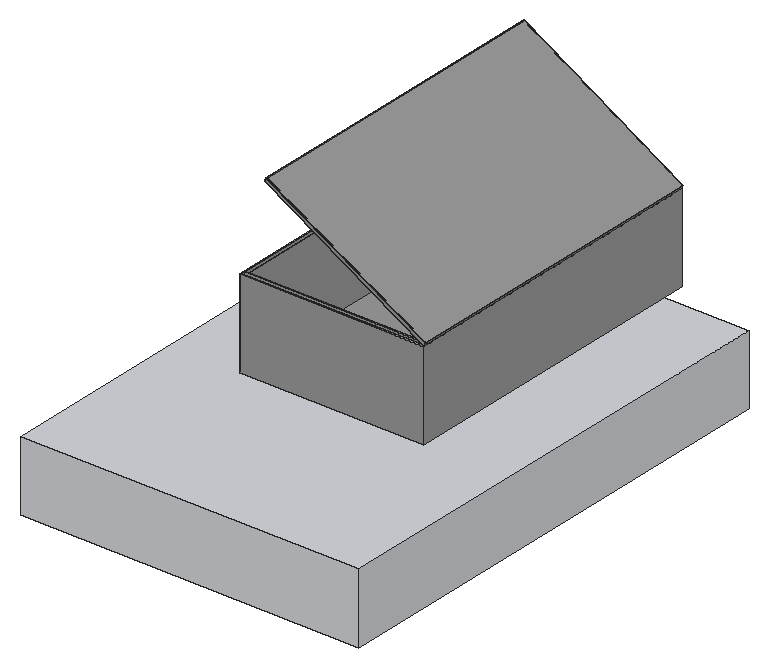
Revit family "Hager-Univers-IP55-D400-H1400-Cl.II-Steel_encl-FR-fr", category Equipement électrique, Revit 2020
Family settings
  Hôte = Face
  Configuration du panneau = Deux colonnes, circuits au sein
  Cote de connecteur circulaire = Utiliser le diamètre
  Type d'élément = Tableau de raccordement
  Couper avec des vides une fois chargée = Non
  Partagée = Non
  Point de calcul de pièce = Non
Parameters (values of type "saillie IP55 L800 H1400 P400  - FR93H")
  Width Control [instance] = if([EF000008 - largeur] > Min Width, [EF000008 - largeur], Min Width)  # 800 mm
  Commentaires du type = [HG000003 - Gamme]  # "Univers"
  Thickness Door [instance] = if([EF009171 - épaisseur de matériau de la porte/du couvercle] > 3 mm, 3 mm, [EF009171 - épaisseur de matériau de la porte/du couvercle])  # 1.5 mm
  Seal Frame Offset [instance] = 17 mm  # constant formula
  Plinth Visibility [instance] = [HG000027 - Hauteur du socle] > 0 mm  # no
  Model = ""
  Min Width [instance] = 100 mm  # constant formula
  Min Height [instance] = 100 mm  # constant formula
  Min Depth [instance] = (2 * [EF009170 - épaisseur de matériau du boîtier]) + 1 mm  # 4 mm
  Internal Frame Depth [instance] = (Door System Depth * 0.5)  # 9 mm
  Height Control [instance] = if([EF000040 - hauteur] > Min Height, [EF000040 - hauteur], Min Height)  # 1400 mm
  HG000027 - Hauteur du socle = 0 mm
  HG000026 - Installation au sol = no
  HG000024 - Hauteur de la section basse = 800 mm
  HG000023 - Armoire double section = no
  HG000016 - Visibilité de la porte 3D [instance] = yes
  HG000015 - Visibilité de l'emprise de la porte [instance] = no
  HG000014 - Porte à droite [instance] = yes
  HG000013 - Porte à gauche [instance] = not([HG000014 - Porte à droite])  # no
  HG000012 - Angle de pivotement de la porte [instance] = 30.00°
  HG000010 - Portes asymétriques = no
  HG000009 - Porte à double battant = no
  HG000006 - Encastré = no
  HG000004 - Référence fabricant = "FR93H"
  HG000003 - Gamme = "Univers"
  HG000002 - avec porte = yes
  Frame Offset Bottom [instance] = 10 mm  # constant formula
  Frame Offset [instance] = 15 mm  # constant formula
  EF015940 - couvercle avec décharge de pression = no
  EF011959 - degré de protection (NEMA) = ""
  EF009554 - nombre d'ouvertures pour plaques à bride = 6
  Fabricant = "Hager"  # constant formula
  EF009212 - finition du couvercle = "EV000116 - fermé"
  EF009171 - épaisseur de matériau de la porte/du couvercle = 1.5 mm
  EF009170 - épaisseur de matériau du boîtier = 1.5 mm
  EF008873 - courant nominal (In) = 800 A
  EF007800 - adapté à un parafoudre = no
  EF006306 - avec serrure = no
  EF006244 - couvercle/porte transparent(e) = no
  EF005474 - indice de protection (IP) = "EV006420 - IP55"
  EF004464 - type de porte = "EV002646 - unique"
  EF004427 - nombre de modules = 324
  EF004293 - indice de protection contre les chocs (IK) = "EV008784 - IK10"
  EF003532 - convient pour utilisation à l’extérieur = no
  EF002950 - largeur en nombre de modules = 24
  EF001613 - maintien de fonction = "EV000494 - sans"
  EF001596 - matériau du boîtier/corps = "EV000179 - acier"
  EF001131 - profondeur intérieure = 400 mm
  EF001088 - possibilité de montage en saillie = yes
  EF000437 - nombre d'entrées de conduit = 6
  EF000339 - type de capot = "EV004216 - porte"
  EF000266 - nombre de rangées = 9
  EF000218 - profondeur d'encastrement = 0 mm
  EF000118 - avec cadre/support de montage = no
  EF000116 - numéro RAL = "7035"
  EF000049 - profondeur = 400 mm
  EF000040 - hauteur = 1400 mm
  EF000008 - largeur = 800 mm
  EF000007 - couleur = "EV000270 - gris"
  EF000003 - mode de pose = "EV000384 - saillie"
  Door System Leaf Tolerance [instance] = 1.5 mm  # constant formula
  Door System Depth [instance] = 18 mm  # constant formula
  Door Height [instance] = Height Control - [HG000027 - Hauteur du socle]  # 1400 mm
  Depth Control [instance] = if([EF000049 - profondeur] > Min Depth, [EF000049 - profondeur], Min Depth)  # 400 mm
  Default Elevation = 0 mm
  Connector Offset [instance] = Height Control / 2  # 700 mm
  Bottom Top Plate Trim [instance] = 1.5 mm  # constant formula
  Plinth height Ctrl [instance] = if([HG000027 - Hauteur du socle] > 0 mm, [HG000027 - Hauteur du socle], 12 mm)  # 12 mm
Types (3, lengths in mm): name | Width Control | HG000009 - Porte à double battant | HG000004 - Référence fabricant | EF009554 - nombre d'ouvertures pour plaques à bride | EF004464 - type de porte | EF004427 - nombre de modules | EF000437 - nombre d'entrées de conduit | EF000008 - largeur
  saillie IP55 L1050 H1400 P400  - FR94H | 1050 | yes | "FR94H" | 8 | "EV003602 - double" | 432 | 8 | 1050
  saillie IP55 L550 H1400 P400  - FR92H | 550 | no | "FR92H" | 4 | "EV002646 - unique" | 216 | 4 | 550
  saillie IP55 L800 H1400 P400  - FR93H | 800 | no | "FR93H" | 6 | "EV002646 - unique" | 324 | 6 | 800
Reference planes
  plane 1 "Center (Front/Back)": y = 0
  plane 2: z = 0
  plane 3 "Center (Left/Right)": x = 0
  plane 4: z = 400
  plane 5: y = 1.5
  plane 6: y = 700
  plane 7: y = 0
  plane 8: y = 1400
  plane 9: z = 0
  plane 10: x = -385
  plane 11: x = 385
  plane 12: x = 383.5
  plane 13: x = -383.5
  plane 14: y = 1398.5
  plane 15: x = -383
  plane 16: x = -400
  plane 17: x = 383
  plane 18: x = 400
  plane 19: x = 398.5
  plane 20: x = -398.5
  plane 21: y = 11.5
  plane 22: y = 1400
  plane 23: y = 1383.5
  plane 24: z = 382
  plane 25: z = 1.5
  plane 26: z = 380.5
  plane 27: z = 398.5
Forms (mm)
  Extrusion 1, solid
    sketch origin (0, 0, 0) x (1, 0, 0) y (0, 1, 0)
      loop
        line (-702.964, 1305) -> (-702.964, -811.445) -> (766.763, -811.445) -> (766.763, 1305) -> (-702.964, 1305)
    from 0 to -304.8
  Extrusion 2, solid, material "Hager_Steel_RAL7035_Light_Grey", visible <- "Plinth Visibility", detail levels medium+fine
    sketch origin (0, 0, 0) x (1, 0, 0) y (0, 1, 0)
      loop
        line (-400, 0) -> (400, 0) -> (400, 12) -> (-400, 12) -> (-400, 0)
    from 0 to 382
  Extrusion 3, solid, material "Hager_Steel_RAL7035_Light_Grey", detail levels medium+fine
    sketch origin (0, 0, 0) x (1, 0, 0) y (0, 1, 0)
      loop
        line (-400, 0) -> (400, 0) -> (400, 1400) -> (-400, 1400) -> (-400, 0)
    from 0 to 382
  Extrusion 4, void
    sketch origin (0, 0, 0) x (1, 0, 0) y (0, 1, 0)
      loop
        line (-398.5, 1.5) -> (398.5, 1.5) -> (398.5, 1398.5) -> (-398.5, 1398.5) -> (-398.5, 1.5)
    from 1.5 to 380.5
  Extrusion 5, void
    sketch origin (-381.607, -4572, 382) x (0, -1, 0) y (-1, 0, 0)
      loop
        line (-4583.5, 1.893) -> (-5955.5, 1.893) -> (-5955.5, -765.107) -> (-4583.5, -765.107) -> (-4583.5, 1.893)
    from 0 to 1.5 <- "EF009170 - épaisseur de matériau du boîtier"
  Extrusion 6, solid, material "Hager_Steel_RAL7035_Light_Grey", detail levels fine
    sketch origin (0, 0, 382) x (1, 0, 0) y (0, 1, 0)
      loop
        line (-383.5, 1383.5) -> (-383.5, 11.5) -> (383.5, 11.5) -> (383.5, 1383.5) -> (-383.5, 1383.5)
      loop
        line (-385, 10) -> (385, 10) -> (385, 1385) -> (-385, 1385) -> (-385, 10)
    from 0 to 9 <- "Internal Frame Depth"
  Extrusion 7, solid, material "Hager_Steel_RAL7035_Light_Grey", detail levels coarse
    sketch origin (0, 0, 0) x (1, 0, 0) y (0, 1, 0)
      loop
        line (-400, 0) -> (400, 0) -> (400, 1400) -> (-400, 1400) -> (-400, 0)
    from 0 to 400
  Sweep 8, void
    path in 3D
      loop
        line (-400, 12, 0) -> (400, 12, 0) -> (400, 12, 382) -> (-400, 12, 382) -> (-400, 12, 0)
    profile origin (-400, 12, 191) x (-1, 0, 0) y (0, -1, 0)
      loop
        line (0, 0) -> (0, 1.5) -> (-1.5, 1.5)
        arc (-1.5, 1.5) -> (-1.061, 0.439) -> (0, 0) r 1.5
Cuts and joins
  Extrusion 4, Extrusion 5 cuts Extrusion 3
  Sweep 8 cuts Extrusion 2
Lines and regions (mm)
  Masking region 1
    outline origin (0, 0, 0) x (1, 0, 0) y (0, 0, 1)
      loop
        line (-400, 400) -> (-400, 0) -> (400, 0) -> (400, 400) -> (-400, 400)
  Masking region 2, detail levels medium+fine
    outline origin (0, 140, 0) x (0, 1, 0) y (0, 0, 1)
      loop
        line (-140, 0) -> (1260, 0) -> (1260, 382) -> (-140, 382) -> (-140, 0)
  Masking region 3, not visible, detail levels medium+fine
    outline origin (0, 297.922, 0) x (0, 1, 0) y (0, 0, 1)
      loop
        line (413.578, 0) -> (453.578, 0) -> (453.578, 388.5)
        arc (453.578, 388.5) -> (450.649, 395.571) -> (443.578, 398.5) r 10
        line (443.578, 398.5) -> (413.578, 398.5) -> (413.578, 0)
  Masking region 4, detail levels coarse
    outline origin (0, 0, 180) x (0, 1, 0) y (0, 0, 1)
      loop
        line (0, -180) -> (1400, -180) -> (1400, 220) -> (0, 220) -> (0, -180)
  Masking region 5, visible <- "Plinth Visibility", detail levels medium+fine
    outline origin (0, 52.24, 12.345) x (0, 0, -1) y (0, 1, 0)
      loop
        line (10.845, -40.24) -> (-368.155, -40.24)
        arc (-368.155, -40.24) -> (-368.594, -41.301) -> (-369.655, -41.74) r 1.5
        line (-369.655, -41.74) -> (-369.655, -52.24) -> (12.345, -52.24) -> (12.345, -41.74)
        arc (12.345, -41.74) -> (11.285, -41.301) -> (10.845, -40.24) r 1.5
  Masking region 6, detail levels medium+fine
    outline origin (-381.607, -4572, 382) x (-1, 0, 0) y (0, -1, 0)
      loop
        line (18.393, -5972) -> (18.393, -4572) -> (-781.607, -4572) -> (-781.607, -5972) -> (18.393, -5972)
  Masking region 7, visible <- "Plinth Visibility", detail levels medium+fine
    outline origin (-381.607, -4727, 382) x (-1, 0, 0) y (0, -1, 0)
      loop
        arc (16.893, -4739) -> (17.332, -4737.939) -> (18.393, -4737.5) r 1.5
        line (18.393, -4737.5) -> (18.393, -4727) -> (-781.607, -4727) -> (-781.607, -4737.5)
        arc (-781.607, -4737.5) -> (-780.546, -4737.939) -> (-780.107, -4739) r 1.5
        line (-780.107, -4739) -> (16.893, -4739)
  Masking region 8, detail levels coarse
    outline origin (-442.548, -4669.526, 382) x (-1, 0, 0) y (0, -1, 0)
      loop
        line (-42.548, -6069.526) -> (-42.548, -4669.526) -> (-842.548, -4669.526) -> (-842.548, -6069.526) -> (-42.548, -6069.526)
  sketch lines
    curve 1: line (-400, 12, 382) -> (-400, 12, 0)
    curve 2: line (400, 12, 382) -> (-400, 12, 382)
    curve 3: line (400, 12, 382) -> (400, 12, 0)
    curve 4: line (-400, 12, 0) -> (400, 12, 0)
Dimensions and locks
  "Depth Control": plane 4 to Extrusion 1
  "HG000027 - Hauteur du socle": plane 1 "Center (Front/Back)" to plane 7
  "EF009170 - épaisseur de matériau du boîtier": plane 5 to plane 7
  locked: connector elem to plane 3 "Center (Left/Right)"
  equal spacing: plane 8, plane 6, plane 7
  locked: connector elem to plane 6
  "EF009170 - épaisseur de matériau du boîtier": plane 8 to plane 14
  "EF009170 - épaisseur de matériau du boîtier": plane 10 to plane 13
  "EF009170 - épaisseur de matériau du boîtier": plane 12 to plane 11
  "Frame Offset": plane 20 to plane 13
  "Frame Offset": plane 12 to plane 19
  "EF009170 - épaisseur de matériau du boîtier": plane 16 to plane 20
  "EF009170 - épaisseur de matériau du boîtier": plane 19 to plane 18
  "Seal Frame Offset": plane 16 to plane 15
  "Seal Frame Offset": plane 17 to plane 18
  "Frame Offset Bottom": plane 21 to plane 5
  "Frame Offset": plane 14 to plane 23
  equal spacing: plane 16, plane 3 "Center (Left/Right)", plane 18
  "Width Control": plane 16 to plane 18
  "EF009170 - épaisseur de matériau du boîtier": plane 4 to plane 27
  "EF009170 - épaisseur de matériau du boîtier": plane 24 to plane 26
  "EF009170 - épaisseur de matériau du boîtier": plane 25 to level
  "Door System Depth": plane 4 to plane 24
  "Height Control": plane 1 "Center (Front/Back)" to Extrusion 7 sketch curve
  "Height Control": Masking region 4 sketch curve to plane 1 "Center (Front/Back)"
  "Height Control": plane 1 "Center (Front/Back)" to plane 22
  "Bottom Top Plate Trim": profile plane to Sweep 8 sketch curve
  "Bottom Top Plate Trim": Sweep 8 sketch curve to profile plane
  "Plinth height Ctrl": plane 1 "Center (Front/Back)" to Extrusion 2 sketch curve
  "Plinth height Ctrl": Masking region 5 sketch curve to plane 1 "Center (Front/Back)"
  "Plinth height Ctrl": plane 1 "Center (Front/Back)" to Masking region 7 sketch curve
  "Thickness Door": Extrusion 6 sketch curve to Extrusion 6 sketch curve  (x3)
  "Thickness Door": cut or joined group of Extrusion 3, Extrusion 4, Extrusion 5 to Extrusion 6 sketch curve
  radius of Masking region 3 sketch curve = 10 mm
  "Bottom Top Plate Trim": radius of Masking region 5 sketch curve  (x2)
  "Bottom Top Plate Trim": radius of Sweep 8 sketch curve
  "Bottom Top Plate Trim": radius of Masking region 7 sketch curve  (x2)
  aligned and locked: plane 2 to Extrusion 1
  aligned and locked: level to Extrusion 1
  aligned and locked: level to Masking region 1 sketch curve
  aligned and locked: Masking region 1 sketch curve to plane 18
  aligned and locked: Masking region 1 sketch curve to plane 16
  aligned and locked: plane 7 to Masking region 2 sketch curve
  aligned and locked: level to Masking region 3 sketch curve
  aligned and locked: Masking region 3 sketch curve to plane 27
  aligned and locked: level to Masking region 2 sketch curve
  aligned and locked: plane 1 "Center (Front/Back)" to Extrusion 2 sketch curve
  aligned and locked: Extrusion 3 sketch curve to plane 7
  aligned and locked: plane 16 to Extrusion 3 sketch curve
  aligned and locked: plane 18 to Extrusion 3 sketch curve
  aligned and locked: plane 20 to Extrusion 4 sketch curve
  aligned and locked: plane 19 to Extrusion 4 sketch curve
  aligned and locked: Extrusion 4 sketch curve to plane 5
  aligned and locked: Extrusion 4 to plane 25
  aligned and locked: plane 26 to Extrusion 4
  aligned and locked: plane 24 to Extrusion 3
  aligned and locked: Extrusion 5 sketch curve to plane 21
  aligned and locked: Extrusion 5 sketch curve to plane 13
  aligned and locked: Extrusion 5 sketch curve to plane 12
  aligned and locked: plane 18 to Extrusion 7 sketch curve
  aligned and locked: plane 1 "Center (Front/Back)" to Extrusion 7 sketch curve
  aligned and locked: plane 16 to Extrusion 7 sketch curve
  aligned and locked: plane 4 to Extrusion 7
  aligned and locked: Extrusion 7 to level
  aligned and locked: level to Masking region 4 sketch curve
  aligned and locked: Masking region 4 sketch curve to plane 1 "Center (Front/Back)"
  aligned and locked: Masking region 4 sketch curve to plane 4
  aligned and locked: nested 1 to level
  aligned and locked: nested 1 to plane 16
  aligned and locked: plane 8 to Extrusion 3 sketch curve
  aligned and locked: plane 23 to Extrusion 5 sketch curve
  aligned and locked: plane 14 to Extrusion 4 sketch curve
  aligned and locked: Masking region 2 sketch curve to plane 8
  aligned and locked: level to Masking region 5 sketch curve
  aligned and locked: plane 16 to Extrusion 2 sketch curve
  aligned and locked: plane 18 to Extrusion 2 sketch curve
  aligned and locked: Masking region 5 sketch curve to plane 24
  aligned and locked: Masking region 2 sketch curve to plane 24
  aligned and locked: plane 24 to Extrusion 2
  aligned and locked: profile plane to Sweep 8 sketch curve  (x2)
  aligned and locked: Masking region 6 sketch curve to plane 18
  aligned and locked: Masking region 6 sketch curve to plane 22
  aligned and locked: Masking region 6 sketch curve to plane 16
  aligned and locked: plane 8 to plane 22
  aligned and locked: Masking region 6 sketch curve to plane 7
  aligned and locked: Masking region 7 sketch curve to plane 16
  aligned and locked: Masking region 7 sketch curve to plane 1 "Center (Front/Back)"
  aligned and locked: Masking region 7 sketch curve to plane 18
  aligned and locked: Masking region 8 sketch curve to plane 1 "Center (Front/Back)"
  aligned and locked: Masking region 8 sketch curve to plane 18
  aligned and locked: Masking region 8 sketch curve to plane 22
  aligned and locked: Masking region 8 sketch curve to plane 16
  aligned and locked: nested 2 to plane 7
  aligned and locked: plane 3 "Center (Left/Right)" to nested 2
  aligned and locked: nested 2 to plane 24
  aligned and locked: Extrusion 6 sketch curve to cut or joined group of Extrusion 3, Extrusion 4, Extrusion 5  (x4)
Automatic sketch dimensions
  Extrusion 1 sketch curve to Extrusion 1 sketch curve = 1469.727 mm
  Extrusion 1 sketch curve to Extrusion 1 sketch curve = 2116.445 mm
  Masking region 1 sketch curve to plane 4 = 0 mm
  plane 6 to Masking region 3 sketch curve = 11.5 mm
  Masking region 3 sketch curve to Masking region 3 sketch curve = 30 mm
  Masking region 5 sketch curve to plane 1 "Center (Front/Back)" = 0 mm
Nested families
  nested 1: "Hager_Enclosure_Symbol" at (-400, 0, 0) x (1, 0, 0) z (0, -1, 0), Height <- "Depth Control", Width <- "Width Control", type "Hager_Enclosure_Symbol"
    with Width_Ctrl 800 mm, Width 800 mm, Height_Ctrl 400 mm, Height 400 mm, A_Width_Int 26.25 mm, A_Width 315 mm, A_Height_Ctrl 350 mm, A_Height 350 mm
  nested 2: "EC000058_Univers_Door" at (0, 0, 382) x (1, 0, 0) z (0, 1, 0), Leaf_Tolerance <- "Door System Leaf Tolerance", Angle <- "HG000012 - Angle de pivotement de la porte", Door_Depth <- "Door System Depth", Door_Left <- "HG000013 - Porte à gauche", Transparent <- "EF006244 - couvercle/porte transparent(e)", Assymetrical <- "HG000010 - Portes asymétriques", Width <- "Width Control", Clearance <- "HG000015 - Visibilité de l'emprise de la porte", Double <- "HG000009 - Porte à double battant", 3d_Door <- "HG000016 - Visibilité de la porte 3D", Lock_Visibility <- "EF006306 - avec serrure", Width_Ctrl <- "Width Control", Door_Right <- "HG000014 - Porte à droite", Door <- "HG000002 - avec porte", Height <- "Door Height", Thickness <- "Thickness Door", type "EC000058_Univers_Door", detail levels medium+fine
    with min_wh 4 mm, Width_Ctrl 800 mm, Width 800 mm, Transparent no, Thickness 1.5 mm, Seal_Material Hager_Rubber, Lock_Visibility no, Lock_Material Hager_Plastic_RAL9005_Jet_Black, Leaf_Width 800 mm, Leaf_Tolerance_External_Sides 0 mm, Leaf_Tolerance 1.5 mm, Leaf_Offset 0 mm, Leaf_Height 1397 mm, Leaf_2_Width 800 mm, Leaf_2_Offset 400 mm, Leaf_1_Width 800 mm, Leaf_1_Offset 400 mm, Height_Ctrl 1400 mm, Height 1400 mm, Glass_Material Hager_Glass, Double_Clearance_Ctrl no, Double no, Door_Right_Ctrl yes, Door_Right yes, Door_Material Hager_Steel_RAL7035_Light_Grey, Door_Left_Ctrl no, Door_Left no, Door_Depth 18 mm, Door yes, Clearance_Material Hager_Clearance, Clearance_Depth 800 mm, Clearance_Ctrl no, Clearance no, Assymetrical no, Angle 30.00°, 3d_Door yes
Connectors
  electrical at (0, 700, 0)
    settings: on plane 9, index 1, voltage 0 V, apparent load 0 VA, apparent load phase1 0 VA, apparent load phase2 0 VA, apparent load phase3 0 VA, power factor 1, load classification "Other", number of poles 1, system type 30, power factor state 1, is connector primary yes, connector utility no, sub classification motor no, connector description ""
Definition of nested family "EC000058_Univers_Door"
  Parameters (values of type "EC000058_Univers_Door")
    min_wh [instance] = (2 * Thickness) + 1 mm  # 11 mm
    Width_Ctrl [instance] = 400 mm
    Width [instance] = 500 mm
    Transparent [instance] = yes
    Thickness [instance] = 5 mm
    Seal_Material [instance] = none
    Lock_Visibility [instance] = yes
    Lock_Material [instance] = none
    Leaf_Width [instance] = if((Width_Ctrl - 2 * Leaf_Tolerance_External_Sides) > 0 mm, (Width_Ctrl - 2 * Leaf_Tolerance_External_Sides), min_wh)  # 400 mm
    Leaf_Tolerance_External_Sides [instance] = 0 mm  # constant formula
    Leaf_Tolerance [instance] = 1.5 mm
    Leaf_Offset [instance] = 0 mm  # constant formula
    Leaf_Height [instance] = if((Height_Ctrl - 2 * Leaf_Tolerance) > 0 mm, (Height_Ctrl - 2 * Leaf_Tolerance), min_wh)  # 497 mm
    Leaf_2_Width [instance] = if(and(and(Double, Assymetrical), Door_Left), (Leaf_Width / 3) - (Leaf_Tolerance / 2), if(and(and(Double, Assymetrical), Door_Right), (Leaf_Width / 3) * 2 - (Leaf_Tolerance / 2), if(and(Double, not(Assymetrical)), (Leaf_Width / 2) - Leaf_Tolerance, Leaf_Width)))  # 400 mm
    Leaf_2_Offset [instance] = if(and(Double, Assymetrical), Leaf_2_Width / 2, if(and(Double, not(Assymetrical)), Leaf_Width / 4, Leaf_Width / 2))  # 200 mm
    Leaf_1_Width [instance] = if(and(and(Double, Assymetrical), Door_Right), (Leaf_Width / 3) - (Leaf_Tolerance / 2), if(and(and(Double, Assymetrical), Door_Left), (Width / 3) * 2 - (Leaf_Tolerance / 2), if(and(Double, not(Assymetrical)), (Leaf_Width / 2) - Leaf_Tolerance, Leaf_Width)))  # 400 mm
    Leaf_1_Offset [instance] = if(and(Double, Assymetrical), Leaf_1_Width / 2, if(and(Double, not(Assymetrical)), Leaf_Width / 4, Leaf_Width / 2))  # 200 mm
    Height_Ctrl [instance] = if(Height > min_wh, Height, min_wh)  # 500 mm
    Height [instance] = 500 mm
    Glass_Material [instance] = none
    Double_Clearance_Ctrl [instance] = and(Double, Clearance)  # no
    Double [instance] = no
    Door_Right_Ctrl [instance] = and(or(Door_Right, Double), Door)  # yes
    Door_Right [instance] = yes
    Door_Material [instance] = none
    Door_Left_Ctrl [instance] = and(or(Door_Left, Double), Door)  # no
    Door_Left [instance] = no
    Door_Depth [instance] = 30 mm
    Door [instance] = yes
    Default Elevation = 1219.2 mm
    Clearance_Material [instance] = none
    Clearance_Depth [instance] = if(Leaf_1_Width > Leaf_2_Width, Leaf_1_Width, Leaf_2_Width)  # 400 mm
    Clearance_Ctrl [instance] = and(not(Double), Clearance)  # yes
    Clearance [instance] = yes
    Assymetrical [instance] = yes
    Angle [instance] = 30.00°
    3d_Door [instance] = yes
  Reference planes
    plane 1 "Center (Front/Back)": y = 0
    plane 2 "Bottom": z = 0
    plane 3 "Center (Left/Right)": x = 0
    plane 4: z = 500
    plane 5: x = -200
    plane 6: x = 200
    plane 7: z = 500
    plane 8: x = -200
    plane 9: z = 0
    plane 10: x = 200
    plane 11: y = 0
    plane 12: z = 1.5
    plane 13: x = -600
    plane 14: y = -400
    plane 15: x = 600
    plane 16: x = 0
    plane 17: x = 0
    plane 18: x = -200
    plane 19: x = 200
    plane 20: z = 498.5
  Forms (mm)
    Extrusion 1, solid, material <- "Clearance_Material", visible <- "Double_Clearance_Ctrl"
      sketch origin (1200, 0, 0) x (1, 0, 0) y (0, 0, -1)
        loop
          line (-1800, -498.5) -> (-600, -498.5) -> (-600, 0) -> (-1800, 0) -> (-1800, -498.5)
      from 0 to -400
  Dimensions and locks
    equal spacing: plane 5, plane 3 "Center (Left/Right)", plane 6
    "Width_Ctrl": plane 5 to plane 6
    "Leaf_Offset": plane 5 to plane 8
    "Leaf_Offset": plane 6 to plane 10
    "Leaf_Offset": plane 9 to level
    "Leaf_Offset": plane 4 to plane 7
    "Height_Ctrl": plane 4 to level
    "Leaf_Tolerance": plane 12 to plane 9
    locked: plane 11 to plane 1 "Center (Front/Back)"
    "Leaf_1_Offset": plane 18 to plane 16
    "Leaf_2_Offset": plane 17 to plane 19
    "Leaf_1_Width": plane 13 to plane 8
    "Leaf_2_Width": plane 10 to plane 15
    "Clearance_Depth": plane 14 to plane 1 "Center (Front/Back)"
    "Leaf_Tolerance_External_Sides": plane 8 to plane 18
    "Leaf_Tolerance_External_Sides": plane 19 to plane 10
    "Leaf_Tolerance": plane 7 to plane 20
    aligned and locked: level to plane 2 "Bottom"
    aligned and locked: nested 1 to plane 16
    aligned and locked: nested 2 to plane 17
    aligned and locked: Extrusion 1 to plane 13
    aligned and locked: plane 15 to Extrusion 1
    aligned and locked: Extrusion 1 to plane 14
    aligned and locked: plane 12 to nested 1
    aligned and locked: nested 2 to plane 12
    aligned and locked: Extrusion 1 to plane 11
    aligned and locked: plane 20 to Extrusion 1
    aligned and locked: nested 2 to plane 11
    aligned and locked: nested 1 to plane 11
  Automatic sketch dimensions
    Extrusion 1 sketch curve to level = 0 mm
    plane 5 to Extrusion 1 sketch curve = 400 mm
    plane 6 to Extrusion 1 sketch curve = 400 mm
    Extrusion 1 sketch curve to plane 4 = 1.5 mm
  Nested families
    nested 1: "EC000058_Univers_Door_Leaf" at (0, 0, 1.5), Width <- "Leaf_1_Width", visible <- "Door_Left_Ctrl", Leaf_Height <- "Leaf_Height", Angle <- "Angle", 3d_Door <- "3d_Door", Transparent <- "Transparent", Clearance Material <- "Clearance_Material", Clearance <- "Clearance_Ctrl", Door_Material <- "Door_Material", Glass_Material <- "Glass_Material", Door_Depth <- "Door_Depth", Lock_Material <- "Lock_Material", Seal_Material <- "Seal_Material", Lock_Visibility <- "Lock_Visibility", Thickness <- "Thickness", type "EC000058_Univers_Door_Leaf"
      with Width 400 mm, Transparent_Glass_Offset 30 mm, Transparent_Ctrl yes, Transparent yes, Thickness 5 mm, Standard no, Seal_Material none, Seal_D2 8 mm, Seal_D1 1 mm, Offset_Internal_Frame 10 mm, Lock_Width 20 mm, Lock_Visibility_3d yes, Lock_Visibility yes, Lock_Thickness_3 3 mm, Lock_Thickness_2 1 mm, Lock_Thickness_1 3 mm, Lock_Radius_Offset_2 16 mm, Lock_Radius_Offset_1 15 mm, Lock_Radius_2 5 mm, Lock_Radius 6 mm, Lock_Offset 5 mm, Lock_Material none, Lock_Height 80 mm, Lock_Cover_Top_Offset_2d 17 mm, Lock_Cover_Height -65 mm, Leaf_Height 497 mm, Internal_Seal_Thickness 8 mm, Internal_Seal_Depth_2 4.5 mm, Internal_Frame_Depth 25 mm, Glass_Thickness -1 mm, Glass_Offset -2 mm, Glass_Material none, Door_Material none, Door_Depth 30 mm, Clearance Material none, Clearance yes, Angle_Ctrl 30.00°, Angle 30.00°, 3d_Door yes
    nested 2: "EC000058_Univers_Door_Leaf" at (0, 0, 1.5) x (-1, 0, 0) z (0, 0, 1), Width <- "Leaf_2_Width", visible <- "Door_Right_Ctrl", Leaf_Height <- "Leaf_Height", Angle <- "Angle", 3d_Door <- "3d_Door", Transparent <- "Transparent", Clearance Material <- "Clearance_Material", Clearance <- "Clearance_Ctrl", Door_Material <- "Door_Material", Glass_Material <- "Glass_Material", Door_Depth <- "Door_Depth", Lock_Material <- "Lock_Material", Seal_Material <- "Seal_Material", Lock_Visibility <- "Lock_Visibility", Thickness <- "Thickness", type "EC000058_Univers_Door_Leaf"
      with Width 400 mm, Transparent_Glass_Offset 30 mm, Transparent_Ctrl yes, Transparent yes, Thickness 5 mm, Standard no, Seal_Material none, Seal_D2 8 mm, Seal_D1 1 mm, Offset_Internal_Frame 10 mm, Lock_Width 20 mm, Lock_Visibility_3d yes, Lock_Visibility yes, Lock_Thickness_3 3 mm, Lock_Thickness_2 1 mm, Lock_Thickness_1 3 mm, Lock_Radius_Offset_2 16 mm, Lock_Radius_Offset_1 15 mm, Lock_Radius_2 5 mm, Lock_Radius 6 mm, Lock_Offset 5 mm, Lock_Material none, Lock_Height 80 mm, Lock_Cover_Top_Offset_2d 17 mm, Lock_Cover_Height -65 mm, Leaf_Height 497 mm, Internal_Seal_Thickness 8 mm, Internal_Seal_Depth_2 4.5 mm, Internal_Frame_Depth 25 mm, Glass_Thickness -1 mm, Glass_Offset -2 mm, Glass_Material none, Door_Material none, Door_Depth 30 mm, Clearance Material none, Clearance yes, Angle_Ctrl 30.00°, Angle 30.00°, 3d_Door yes
  Definition of nested family "EC000058_Univers_Door_Leaf"
    Parameters (values of type "EC000058_Univers_Door_Leaf")
      Width [instance] = 2000 mm
      Transparent_Glass_Offset [instance] = 30 mm
      Transparent_Ctrl [instance] = and(Transparent, [3d_Door])  # yes
      Transparent [instance] = yes
      Thickness [instance] = 5 mm
      Standard [instance] = and(not(Transparent), [3d_Door])  # no
      Seal_Material [instance] = none
      Seal_D2 [instance] = 8 mm  # constant formula
      Seal_D1 [instance] = 1 mm  # constant formula
      Offset_Internal_Frame [instance] = 10 mm  # constant formula
      Lock_Width [instance] = 20 mm  # constant formula
      Lock_Visibility_3d [instance] = and(Lock_Visibility, [3d_Door])  # yes
      Lock_Visibility [instance] = yes
      Lock_Thickness_3 [instance] = 3 mm  # constant formula
      Lock_Thickness_2 [instance] = 1 mm  # constant formula
      Lock_Thickness_1 [instance] = 3 mm  # constant formula
      Lock_Radius_Offset_2 [instance] = Lock_Radius_Offset_1 + 1 mm  # 16 mm
      Lock_Radius_Offset_1 [instance] = 15 mm  # constant formula
      Lock_Radius_2 [instance] = Lock_Radius - 1 mm  # 5 mm
      Lock_Radius [instance] = 6 mm  # constant formula
      Lock_Offset [instance] = 5 mm  # constant formula
      Lock_Material [instance] = none
      Lock_Height [instance] = 80 mm  # constant formula
      Lock_Cover_Top_Offset_2d [instance] = Lock_Radius_Offset_2 + 1 mm  # 17 mm
      Lock_Cover_Height [instance] = -(Lock_Height - Lock_Radius_Offset_1)  # -65 mm
      Leaf_Height [instance] = 2720.336 mm
      Internal_Seal_Thickness [instance] = 8 mm  # constant formula
      Internal_Seal_Depth_2 [instance] = 4.5 mm  # constant formula
      Internal_Frame_Depth [instance] = if(Door_Depth - Thickness > 5 mm, Door_Depth - Thickness, 5 mm)  # 25 mm
      Glass_Thickness [instance] = if(Thickness > 15 mm, Glass_Offset + 10 mm, -1 mm)  # -1 mm
      Glass_Offset [instance] = if(Thickness > 15 mm, -(Thickness + 10 mm) / 2, -2 mm)  # -2 mm
      Glass_Material [instance] = none
      Door_Material [instance] = none
      Door_Depth [instance] = 30 mm
      Default Elevation = 0 mm
      Clearance Material [instance] = none
      Clearance [instance] = yes
      Angle_Ctrl [instance] = if(Angle > 180.00°, 180.00°, Angle)  # 90.00°
      Angle [instance] = 90.00°
      3d_Door [instance] = yes
    Reference planes
      plane 1 "Center (Front/Back)": y = 0
      plane 2: z = 0
      plane 3 "Center (Left/Right)": x = 0
      plane 4: y = 2000
      plane 5: x = -1000
      plane 6: x = 1000
      plane 7: x = -3000
      plane 8: z = 2720.336
      plane 9: z = 30
      plane 10: z = 2690.336
      plane 11: x = 970
      plane 12: x = -970
      plane 13: y = -3
      plane 14: z = 107.833
      plane 15: y = -5
      plane 16: y = -223.314
      plane 17: x = -1000
      plane 18: z = 1360.168
      plane 19: y = 30
    Forms (mm)
      Extrusion 1, solid, material <- "Clearance Material", visible <- "Clearance"
        sketch origin (0, 0, 0) x (1, 0, 0) y (0, 0, 1)
          loop
            line (-3000, 2720.336) -> (-3000, 0) -> (1000, 0) -> (1000, 2720.336) -> (-3000, 2720.336)
        from 0 to -2000
      Extrusion 2, solid, material <- "Door_Material", visible <- "Standard", detail levels medium+fine
        sketch origin (-1000, 0, 0) x (0, 1, 0) y (-1, 0, 0)
          loop
            line (0, 30) -> (0, 25) -> (2000, 25) -> (2000, 30) -> (0, 30)
        from 0 to 2720.336 <- "Leaf_Height"
      Extrusion 3, solid, material <- "Door_Material", visible <- "Transparent_Ctrl", detail levels medium+fine
        sketch origin (-1000, 0, 0) x (0, 1, 0) y (-1, 0, 0)
          loop
            line (0, 25) -> (2000, 25) -> (2000, 30) -> (0, 30) -> (0, 25)
        from 0 to 2720.336 <- "Leaf_Height"
      Extrusion 4, void
        sketch origin (-1025, 2000, 0) x (0, 1, 0) y (0, 0, -1)
          loop
            line (-30, -2690.336) -> (-30, -30) -> (-1970, -30) -> (-1970, -2690.336) -> (-30, -2690.336)
        from 0 to 5 <- "Thickness"
      Sweep 5, solid, material <- "Seal_Material", visible <- "Transparent_Ctrl", detail levels fine
        path in 3D
          loop
            line (-1025, 30, 30) -> (-1025, 30, 2690.336) -> (-1025, 1970, 2690.336) -> (-1025, 1970, 30) -> (-1025, 30, 30)
        profile origin (-1025, 1000, 30) x (1, 0, 0) y (0, 0, 1)
          loop
            line (0, 0) -> (0, -8) -> (1, -8) -> (1, 0) -> (0, 0)
      Extrusion 6, solid, material <- "Glass_Material", visible <- "Transparent_Ctrl", detail levels medium+fine
        sketch origin (-1030, 0, 0) x (0, 1, 0) y (0, 0, -1)
          loop
            line (1970, -2690.336) -> (1970, -30) -> (30, -30) -> (30, -2690.336) -> (1970, -2690.336)
        from -2 <- "Glass_Offset" to -1 <- "Glass_Thickness"
      Extrusion 7, solid, material <- "Door_Material", visible <- "3d_Door", detail levels medium+fine
        sketch origin (-1025, 2000, 0) x (0, -1, 0) y (0, 0, -1)
          loop
            line (0, -2720.336) -> (2000, -2720.336) -> (2000, 0) -> (0, 0) -> (0, -2720.336)
          loop
            line (1995, -5) -> (5, -5) -> (5, -2715.336) -> (1995, -2715.336) -> (1995, -5)
        from 0 to 25 <- "Internal_Frame_Depth"
      Sweep 8, solid, material <- "Seal_Material", visible <- "Transparent_Ctrl", detail levels fine
        path in 3D
          loop
            line (-1025, 0, 0) -> (-1025, 2000, 0) -> (-1025, 2000, 2720.336) -> (-1025, 0, 2720.336) -> (-1025, 0, 0)
        profile origin (-1025, 0, 1360.168) x (1, 0, 0) y (0, 1, 0)
          loop
            line (0, 10) -> (2.975, 10)
            arc (2.975, 10) -> (4.053, 10.447) -> (4.5, 11.525) r 1.525
            line (4.5, 11.525) -> (4.5, 16.527)
            arc (4.5, 16.527) -> (4.069, 17.569) -> (3.027, 18) r 1.473
            line (3.027, 18) -> (0, 18) -> (0, 10)
      Extrusion 9, solid, material <- "Lock_Material", visible <- "Lock_Visibility_3d", detail levels fine
        sketch origin (-1030, 0, 0) x (0, 1, 0) y (0, 0, -1)
          loop
            arc (1993.5, -1400.168) -> (1994.561, -1399.729) -> (1995, -1398.668) r 1.5
            line (1995, -1398.668) -> (1995, -1320.168) -> (1975, -1320.168) -> (1975, -1398.668)
            arc (1975, -1398.668) -> (1975.439, -1399.729) -> (1976.5, -1400.168) r 1.5
            line (1976.5, -1400.168) -> (1993.5, -1400.168)
        from 3 <- "Lock_Thickness_1" to 0
      Blend 10, solid, material <- "Lock_Material", visible <- "Lock_Visibility_3d", detail levels fine
        base sketch origin (-1033, 0, 0) x (0, 1, 0) y (0, 0, -1)
          loop
            line (1975, -1320.168) -> (1975, -1398.668)
            arc (1975, -1398.668) -> (1975.439, -1399.729) -> (1976.5, -1400.168) r 1.5
            line (1976.5, -1400.168) -> (1993.5, -1400.168)
            arc (1993.5, -1400.168) -> (1994.561, -1399.729) -> (1995, -1398.668) r 1.5
            line (1995, -1398.668) -> (1995, -1320.168) -> (1975, -1320.168)
        top sketch origin (-1033, 0, 0) x (0, 1, 0) y (0, 0, -1)
          loop
            line (1976, -1320.168) -> (1976, -1398.668)
            arc (1976, -1398.668) -> (1976.146, -1399.022) -> (1976.5, -1399.168) r 0.5
            line (1976.5, -1399.168) -> (1993.5, -1399.168)
            arc (1993.5, -1399.168) -> (1993.854, -1399.022) -> (1994, -1398.668) r 0.5
            line (1994, -1398.668) -> (1994, -1320.168) -> (1976, -1320.168)
        from 0 to 1 <- "Lock_Thickness_2"
      Blend 11, solid, material <- "Lock_Material", visible <- "Lock_Visibility_3d", detail levels fine
        base sketch origin (-1034, 0, 0) x (0, 1, 0) y (0, 0, -1)
          loop
            line (1978, -1320.168) -> (1978, -1384.168)
            arc (1978, -1384.168) -> (1985, -1391.168) -> (1992, -1384.168) r 7
            line (1992, -1384.168) -> (1992, -1320.168) -> (1978, -1320.168)
        top sketch origin (-1034, 0, 0) x (0, 1, 0) y (0, 0, -1)
          loop
            line (1991, -1320.168) -> (1979, -1320.168) -> (1979, -1383.168)
            arc (1979, -1383.168) -> (1985, -1389.168) -> (1991, -1383.168) r 6
            line (1991, -1383.168) -> (1991, -1320.168)
        from 0 to 3 <- "Lock_Thickness_3"
      Extrusion 12, solid, material <- "Lock_Material", visible <- "Lock_Visibility_3d", detail levels fine
        sketch origin (-1030, 1975, 1320.168) x (1, 0, 0) y (0, -1, 0)
          loop
            line (-7, -19) -> (-7, -1) -> (0, -1) -> (0, 0) -> (-8, 0) -> (-8, -20) -> (0, -20) -> (0, -19) -> (-7, -19)
        from 0 to -65 <- "Lock_Cover_Height"
      Extrusion 13, void
        sketch origin (-1038, 1995, 1320.168) x (-1, 0, 0) y (0, 0, -1)
          loop
            line (-5, -65) -> (0, -65) -> (-5, -60) -> (-5, -65)
        from 0 to 20 <- "Lock_Width"
      Extrusion 14, void
        sketch origin (-1038, 1975, 1320.168) x (0, -1, 0) y (0, 0, -1)
          loop
            circle (-10, -15.995) r 6
          loop
            circle (-10, -15.995) r 5
        from 0 to 2
      Extrusion 15, solid, material <- "Lock_Material", visible <- "Lock_Visibility_3d", detail levels medium
        sketch origin (-1030, 0, 0) x (0, 1, 0) y (0, 0, -1)
          loop
            arc (1993.5, -1400.168) -> (1994.561, -1399.729) -> (1995, -1398.668) r 1.5
            line (1995, -1398.668) -> (1995, -1320.168) -> (1975, -1320.168) -> (1975, -1398.668)
            arc (1975, -1398.668) -> (1975.439, -1399.729) -> (1976.5, -1400.168) r 1.5
            line (1976.5, -1400.168) -> (1993.5, -1400.168)
        from 8 to 0
    Cuts and joins
      Extrusion 4 cuts Extrusion 3
      Extrusion 13, Extrusion 14 cuts Extrusion 9
      Extrusion 14 cuts Blend 11
      Extrusion 13, Extrusion 14 cuts Extrusion 12
      joined: Extrusion 9, Blend 10, Blend 11, Extrusion 12
      Extrusion 14 cuts Extrusion 15
    Lines and regions (mm)
      Masking region 1, visible <- "Lock_Visibility", detail levels fine
        outline origin (0, 0, 0) x (0, 1, 0) y (0, 0, 1)
          loop
            line (30, 1320.168) -> (33, 1320.168) -> (33, 1400.168) -> (30, 1400.168) -> (30, 1320.168)
      Masking region 2, visible <- "Lock_Visibility", detail levels fine
        outline origin (0, 3.143, 0) x (0, 1, 0) y (0, 0, 1)
          loop
            line (29.857, 1354.168) -> (30.857, 1354.168) -> (30.857, 1366.168) -> (29.857, 1366.168) -> (29.857, 1354.168)
      Masking region 3, detail levels medium+fine
        outline origin (0, 0, 0) x (0, 1, 0) y (0, 0, 1)
          loop
            line (0, 0) -> (30, 0) -> (30, 2720.336) -> (0, 2720.336) -> (0, 0)
      Masking region 4, detail levels medium+fine
        outline origin (0, 0, 0) x (1, 0, 0) y (0, 0, 1)
          loop
            line (-1000, 2720.336) -> (-1000, 0) -> (1000, 0) -> (1000, 2720.336) -> (-1000, 2720.336)
      Masking region 5, visible <- "Lock_Visibility", detail levels fine
        outline origin (-47.116, 0, 0) x (1, 0, 0) y (0, 0, 1)
          loop
            arc (1024.616, 1399.168) -> (1023.556, 1398.729) -> (1023.116, 1397.668) r 1.5
            line (1023.116, 1397.668) -> (1023.116, 1320.168) -> (1041.116, 1320.168) -> (1041.116, 1397.668)
            arc (1041.116, 1397.668) -> (1040.677, 1398.729) -> (1039.616, 1399.168) r 1.5
            line (1039.616, 1399.168) -> (1024.616, 1399.168)
      Masking region 6, visible <- "Lock_Visibility", detail levels medium+fine
        outline origin (-25, 0, 0) x (1, 0, 0) y (0, 0, 1)
          loop
            arc (1001.5, 1400.168) -> (1000.439, 1399.729) -> (1000, 1398.668) r 1.5
            line (1000, 1398.668) -> (1000, 1320.168) -> (1020, 1320.168) -> (1020, 1398.668)
            arc (1020, 1398.668) -> (1019.561, 1399.729) -> (1018.5, 1400.168) r 1.5
            line (1018.5, 1400.168) -> (1001.5, 1400.168)
      Masking region 7, visible <- "Lock_Visibility", detail levels fine
        outline origin (-73.735, 0, 0) x (1, 0, 0) y (0, 0, 1)
          loop
            line (1051.735, 1382.168) -> (1065.735, 1382.168) -> (1065.735, 1384.168)
            arc (1065.735, 1384.168) -> (1058.735, 1391.168) -> (1051.735, 1384.168) r 7
            line (1051.735, 1384.168) -> (1051.735, 1382.168)
      Masking region 8, visible <- "Lock_Visibility", detail levels fine
        outline origin (-73.735, 0, 0) x (1, 0, 0) y (0, 0, 1)
          loop
            line (1052.735, 1382.168) -> (1064.735, 1382.168) -> (1064.735, 1383.168)
            arc (1064.735, 1383.168) -> (1058.735, 1389.168) -> (1052.735, 1383.168) r 6
            line (1052.735, 1383.168) -> (1052.735, 1382.168)
      Masking region 9, visible <- "Lock_Visibility", detail levels fine
        outline origin (-25, 0, 0) x (1, 0, 0) y (0, 0, 1)
          loop
            line (1020, 1320.168) -> (1020, 1382.168) -> (1000, 1382.168) -> (1000, 1320.168) -> (1020, 1320.168)
      Masking region 10, detail levels medium+fine
        outline origin (0, 0, 0) x (1, 0, 0) y (0, 0, 1)
          loop
            circle (985, 1335.144) r 6
      Masking region 11, detail levels fine
        outline origin (0, 0, 0) x (1, 0, 0) y (0, 0, 1)
          loop
            circle (985, 1335.144) r 5
      Masking region 12, visible <- "Lock_Visibility", detail levels fine
        outline origin (0, 12.767, 0) x (0, 1, 0) y (0, 0, 1)
          loop
            line (20.233, 1320.168) -> (21.233, 1320.168) -> (21.233, 1399.168) -> (20.233, 1400.168) -> (20.233, 1320.168)
      Masking region 13, visible <- "Lock_Visibility", detail levels fine
        outline origin (0, 13.767, -10) x (0, 1, 0) y (0, 0, 1)
          loop
            line (20.233, 1330.168) -> (23.233, 1330.168) -> (23.233, 1399.168) -> (20.233, 1402.168) -> (20.233, 1330.168)
      Masking region 14, visible <- "Lock_Visibility", detail levels fine
        outline origin (0, 12.767, -10) x (0, 1, 0) y (0, 0, 1)
          loop
            line (20.233, 1330.168) -> (25.233, 1330.168) -> (25.233, 1399.305) -> (20.233, 1394.305) -> (20.233, 1330.168)
      Masking region 15, visible <- "Lock_Visibility", detail levels medium
        outline origin (0, 0, 0) x (0, 1, 0) y (0, 0, 1)
          loop
            line (30, 1320.168) -> (38, 1320.168) -> (38, 1400.168) -> (30, 1400.168) -> (30, 1320.168)
      Masking region 16, visible <- "Lock_Visibility", detail levels fine
        outline origin (-1000, 0, 0) x (0, 1, 0) y (-1, 0, 0)
          loop
            line (1975, 30) -> (1995, 30) -> (1995, 38) -> (1975, 38) -> (1975, 30)
          loop
            line (1979, 37) -> (1976, 37) -> (1976, 34) -> (1978, 34) -> (1979, 37)
          loop
            line (1994, 37) -> (1991, 37) -> (1992, 34) -> (1994, 34) -> (1994, 37)
      Masking region 17, visible <- "Lock_Visibility", detail levels medium
        outline origin (-1000, 0, 0) x (0, 1, 0) y (-1, 0, 0)
          loop
            line (1975, 30) -> (1995, 30) -> (1995, 38) -> (1975, 38) -> (1975, 30)
      symbolic lines
        curve 1: line (1000, 0, 0) -> (-3000, 0, 0)
        curve 2: arc (1000, 0, 0) -> (-1000, 2000, 0) -> (-3000, 0, 0) r 2000
        curve 4: line (-1030, 0, 0) -> (-1030, 2000, 0)
      reference lines
        curve 3: line (-1000, 0, 0) -> (-1000, 2000, 0)
      symbolic lines, detail levels medium+fine
        curve 5: line (-1030, 2000, 0) -> (-1025, 2000, 0)
        curve 7: line (-1025, 0, 0) -> (-1030, 0, 0)
        curve 8: line (-1025, 0, 0) -> (-1000, 0, 0)
        curve 9: line (-1000, 0, 0) -> (-1000, 2000, 0)
        curve 10: line (-1000, 2000, 0) -> (-1025, 2000, 0)
      symbolic lines, detail levels fine
        curve 6: line (-1025, 2000, 0) -> (-1025, 0, 0)
      sketch lines
        curve 11: line (-1025, 0, 2720.336) -> (-1025, 0, 0)
        curve 12: line (-1025, 2000, 0) -> (-1025, 0, 0)
        curve 13: line (-1025, 2000, 2720.336) -> (-1025, 2000, 0)
        curve 14: line (-1025, 0, 2720.336) -> (-1025, 2000, 2720.336)
        curve 15: line (-1025, 1970, 30) -> (-1025, 30, 30)
        curve 16: line (-1025, 30, 30) -> (-1025, 30, 2690.336)
        curve 17: line (-1025, 1970, 2690.336) -> (-1025, 1970, 30)
        curve 18: line (-1025, 30, 2690.336) -> (-1025, 1970, 2690.336)
      symbolic lines, visible <- "Transparent", detail levels medium+fine
        curve 19: line (-970, 0, 2690.336) -> (970, 0, 2690.336)
        curve 20: line (-970, 0, 30) -> (-970, 0, 2690.336)
        curve 21: line (970, 0, 30) -> (-970, 0, 30)
        curve 22: line (970, 0, 2690.336) -> (970, 0, 30)
    Dimensions and locks
      "Width": plane 1 "Center (Front/Back)" to plane 4
      equal spacing: plane 5, plane 3 "Center (Left/Right)", plane 6
      "Width": plane 5 to plane 6
      "Width": plane 7 to plane 5
      "Leaf_Height": plane 8 to level
      "Width": curve 5 to curve 3
      "Width": curve 3 to curve 3
      plane 8 to plane 10 = 30 mm
      plane 9 to level = 30 mm
      plane 12 to plane 5 = 30 mm
      plane 6 to plane 11 = 30 mm
      Extrusion 1 to Extrusion 4 sketch curve = 30 mm
      "Transparent_Glass_Offset": curve 3 to Extrusion 4 sketch curve
      "Transparent_Glass_Offset": Extrusion 4 sketch curve to cut or joined group of Extrusion 3, Extrusion 4  (x2)
      cut or joined group of Extrusion 3, Extrusion 4 to Extrusion 6 sketch curve = 30 mm
      "Transparent_Glass_Offset": cut or joined group of Extrusion 3, Extrusion 4 to Extrusion 4 sketch curve
      "Thickness": curve 6 to curve 4
      "Thickness": Extrusion 7 sketch curve to Extrusion 7 sketch curve  (x4)
      "Door_Depth": curve 4 to curve 3
      "Offset_Internal_Frame": profile plane to Sweep 8 sketch curve
      "Internal_Seal_Thickness": Sweep 8 sketch curve to Sweep 8 sketch curve
      "Internal_Seal_Depth_2": profile plane to Sweep 8 sketch curve
      "Seal_D1": profile plane to Sweep 5 sketch curve
      "Seal_D2": profile plane to Sweep 5 sketch curve
      "Thickness": Extrusion 2 sketch curve to Extrusion 2 sketch curve
      equal spacing: Extrusion 9 sketch curve, plane 18, Extrusion 9 sketch curve  (x2)
      equal spacing: Masking region 1 sketch curve, plane 18, Masking region 1 sketch curve
      "Lock_Height": Masking region 1 sketch curve to Masking region 1 sketch curve
      "Lock_Radius": Masking region 2 sketch curve to plane 18 to Masking region 2 sketch curve
      Masking region 2 sketch curve to Masking region 1 = 1 mm
      "Door_Depth": plane 19 to plane 1 "Center (Front/Back)"
      "Lock_Thickness_1": Masking region 1 sketch curve to plane 19
      "Lock_Width": Extrusion 9 sketch curve to Extrusion 9 sketch curve
      "Lock_Height": Extrusion 9 sketch curve to Extrusion 9 sketch curve
      "Lock_Offset": cut or joined group of Extrusion 3, Extrusion 4 to Extrusion 9 sketch curve
      equal spacing: plane 8, plane 18, level
      "Lock_Radius_Offset_1": Blend 11 sketch curve to Blend 10
      locked: Blend 10 to Blend 11 sketch curve at 2  (x2)
      locked: var sketch to Blend 11 sketch curve at 1  (x2)
      "Lock_Radius_Offset_2": Blend 11 sketch curve to Blend 10
      locked: Extrusion 12 sketch curve to Extrusion 12 sketch curve at 1  (x3)
      Masking region 6 sketch curve to Masking region 6 sketch curve = 80 mm
      "Lock_Height": Masking region 6 sketch curve to Masking region 6 sketch curve
      "Lock_Width": Masking region 6 sketch curve to Masking region 6 sketch curve
      locked: Masking region 6 to Masking region 5 sketch curve at 1  (x3)
      locked: Masking region 5 to Masking region 7 sketch curve at 2  (x2)
      "Lock_Radius_Offset_1": Masking region 5 to Masking region 7 sketch curve
      "Lock_Radius_Offset_2": Masking region 5 to Masking region 8 sketch curve
      locked: Masking region 7 to Masking region 8 sketch curve at 1  (x2)
      "Lock_Cover_Top_Offset_2d": Masking region 5 to Masking region 9 sketch curve
      equal spacing: Masking region 9, Masking region 10 sketch curve, Masking region 9
      equal spacing: Masking region 9, Masking region 11 sketch curve, Masking region 9
      Extrusion 15 sketch curve to Extrusion 15 sketch curve = 80 mm
      "Lock_Width": Extrusion 15 sketch curve to Extrusion 15 sketch curve
      "Lock_Height": Extrusion 15 sketch curve to Extrusion 15 sketch curve
      equal spacing: Extrusion 15 sketch curve, plane 18, Extrusion 15 sketch curve
      "Lock_Thickness_3": Masking region 13 sketch curve to Masking region 13 sketch curve
      "Lock_Height": Masking region 12 sketch curve to Masking region 12 sketch curve
      locked: Masking region 13 sketch curve to Masking region 1 at 8
      locked: Masking region 14 sketch curve to Masking region 13 at 1
      locked: Masking region 14 sketch curve to Masking region 1 at 10.863
      "Lock_Height": Masking region 15 sketch curve to Masking region 15 sketch curve
      "Lock_Offset": Extrusion 15 sketch curve to cut or joined group of Extrusion 3, Extrusion 4
      "Lock_Offset": plane 6 to Masking region 6 sketch curve
      radius of Sweep 8 sketch curve = 1.525 mm
      radius of Sweep 8 sketch curve = 1.473 mm
      radius of Extrusion 9 sketch curve = 1.5 mm  (x2)
      "Lock_Radius": radius of Extrusion 14 sketch curve
      "Lock_Radius_2": radius of Extrusion 14 sketch curve
      "Lock_Radius": radius of Masking region 10 sketch curve
      "Lock_Radius_2": radius of Masking region 11 sketch curve
      radius of Extrusion 15 sketch curve = 1.5 mm  (x2)
      "Angle_Ctrl": angle plane 1 "Center (Front/Back)" to curve 3
      locked: Masking region 12 sketch curve to Masking region 12 sketch curve (angle 45.00°)
      locked: Masking region 13 sketch curve to Masking region 13 sketch curve (angle 45.00°)
      locked: Masking region 14 sketch curve to Masking region 14 sketch curve (angle 45.00°)
      aligned and locked: level to plane 2
      aligned and locked: Extrusion 1 to curve 1
      aligned and locked: plane 6 to Extrusion 1
      aligned and locked: Extrusion 1 to plane 1 "Center (Front/Back)"
      aligned and locked: plane 4 to Extrusion 1
      aligned and locked: plane 8 to Extrusion 1
      aligned and locked: curve 7 to Extrusion 2 sketch curve
      aligned and locked: curve 5 to Extrusion 2 sketch curve
      aligned and locked: curve 7 to Extrusion 3 sketch curve
      aligned and locked: Extrusion 3 sketch curve to curve 4
      aligned and locked: Extrusion 3 sketch curve to curve 6
      aligned and locked: Extrusion 3 sketch curve to curve 5
      aligned and locked: curve 9 to curve 3
      aligned and locked: Extrusion 7 sketch curve to cut or joined group of Extrusion 3, Extrusion 4  (x4)
      aligned and locked: plane 17 to curve 3
      aligned and locked: plane 1 "Center (Front/Back)" to curve 3
      aligned and locked: plane 17 to plane 5
      aligned and locked: Sweep 8 sketch curve to profile plane
      aligned and locked: Sweep 5 sketch curve to profile plane  (x2)
      aligned and locked: Masking region 1 to Masking region 2 sketch curve
      aligned and locked: plane 19 to Masking region 1 sketch curve
      aligned and locked: plane 1 "Center (Front/Back)" to Masking region 3 sketch curve
      aligned and locked: plane 19 to Masking region 3 sketch curve
      aligned and locked: level to Masking region 3 sketch curve
      aligned and locked: Masking region 3 sketch curve to plane 8
      aligned and locked: plane 17 to Masking region 4 sketch curve
      aligned and locked: level to Masking region 4 sketch curve
      aligned and locked: Masking region 4 sketch curve to plane 8
      aligned and locked: plane 12 to curve 20
      aligned and locked: plane 10 to curve 19
      aligned and locked: plane 11 to curve 22
      aligned and locked: curve 21 to plane 9
      aligned and locked: Extrusion 2 sketch curve to cut or joined group of Extrusion 3, Extrusion 4
      aligned and locked: Blend 10 sketch curve to Extrusion 9  (x4)
      aligned and locked: Extrusion 9 to Blend 10 sketch curve
      aligned and locked: Blend 10 to Blend 11 sketch curve
      aligned and locked: Extrusion 12 sketch curve to Blend 11
      aligned and locked: Extrusion 12 sketch curve to Extrusion 9  (x4)
      aligned and locked: Masking region 5 sketch curve to Masking region 6
      aligned and locked: Masking region 9 sketch curve to Masking region 6  (x3)
      aligned and locked: Masking region 12 sketch curve to Masking region 1
      aligned and locked: Masking region 13 sketch curve to Masking region 1
      aligned and locked: Masking region 12 to Masking region 14
      aligned and locked: Masking region 14 sketch curve to Masking region 1
      aligned and locked: Masking region 15 sketch curve to Masking region 14
      aligned and locked: Masking region 13 sketch curve to Masking region 12
      aligned and locked: Masking region 16 sketch curve to cut or joined group of Extrusion 14, Extrusion 15  (x4)
      aligned and locked: Masking region 16 sketch curve to cut or joined group of Extrusion 9, Blend 10, Blend 11, Extrusion 12, Extrusion 13, Extrusion 14  (x6)
      aligned and locked: cut or joined group of Extrusion 9, Blend 10, Blend 11, Extrusion 12, Extrusion 13, Extrusion 14 to Masking region 16 sketch curve
      aligned and locked: Masking region 17 sketch curve to cut or joined group of Extrusion 14, Extrusion 15  (x3)
      aligned and locked: Masking region 17 sketch curve to cut or joined group of Extrusion 9, Blend 10, Blend 11, Extrusion 12, Extrusion 13, Extrusion 14
      aligned and locked: Masking region 9 to Masking region 8 sketch curve
      aligned and locked: Masking region 9 to Masking region 7 sketch curve
    Automatic sketch dimensions
      plane 1 "Center (Front/Back)" to curve 2 = 0 mm
      curve 2 to plane 5 = 0 mm
      Extrusion 1 sketch curve to level = 0 mm
      Extrusion 1 sketch curve to plane 7 = 0 mm
      Extrusion 1 sketch curve to plane 6 = 0 mm
      Extrusion 1 sketch curve to plane 8 = 0 mm
      Extrusion 3 to Extrusion 6 sketch curve = 30 mm  (x4)
      Masking region 4 sketch curve to plane 6 = 0 mm
      Blend 10 sketch curve to Extrusion 9 = 1.5 mm
      Blend 10 sketch curve to Extrusion 9 = 1 mm
      Extrusion 13 sketch curve to Extrusion 12 = 0 mm  (x2)
      Extrusion 12 to Extrusion 13 sketch curve = 3 mm
      Extrusion 13 sketch curve to Extrusion 12 = 5 mm
      Extrusion 14 sketch curve to Extrusion 14 sketch curve = 0 mm  (x2)
      Extrusion 14 sketch curve to Extrusion 12 = 10 mm
      Extrusion 14 sketch curve to Extrusion 12 = 15.995 mm
      Masking region 5 sketch curve to Masking region 5 sketch curve = 1.5 mm  (x2)
      Masking region 10 sketch curve to plane 18 = 25.024 mm
      Masking region 11 sketch curve to plane 18 = 25.024 mm
      plane 19 to Masking region 14 sketch curve = 3 mm
      Masking region 16 sketch curve to Masking region 16 sketch curve = 3 mm
      curve 4 to curve 3 = 0 mm
      Blend 10 to Blend 11 sketch curve = 0 mm
      Masking region 6 sketch curve to Masking region 6 sketch curve = 1.5 mm  (x2)
      Masking region 6 sketch curve to plane 18 = 40 mm
      plane 19 to Masking region 12 sketch curve = 3 mm
      Masking region 12 sketch curve to Masking region 12 sketch curve = 1 mm
      Masking region 15 sketch curve to plane 19 = 0 mm
      Masking region 15 sketch curve to plane 18 = 40 mm
      radius of Blend 10 sketch curve to Extrusion 9 = 1 mm
Definition of nested family "Hager_Enclosure_Symbol"
  Parameters (values of type "Hager_Enclosure_Symbol")
    Width_Ctrl [instance] = if(Width > 1 mm, Width, 1 mm)  # 102.27 mm
    Width [instance] = 102.27 mm
    Height_Ctrl [instance] = if(Height > 1 mm, Height, 1 mm)  # 66.5 mm
    A_Width_Int [instance] = if(A_Width / 12 > 2 mm, A_Width / 12, 2 mm)  # 4.364 mm
    A_Width [instance] = if(A_Height_Ctrl * 0.9 > 2 mm, A_Height_Ctrl * 0.9, 2 mm)  # 52.369 mm
    A_Height_Ctrl [instance] = if(A_Height > 2 mm, A_Height, 2 mm)  # 58.188 mm
    Height [instance] = 66.5 mm
    A_Height [instance] = Height - (Height / 8)  # 58.188 mm
  Reference planes
    plane 1 "Centre (avant/arrière)": y = 0
    plane 2: z = 0
    plane 3 "Centre (gauche/droite)": x = 0
    plane 4: x = 52.369
    plane 5: y = 33.042
    plane 6: y = 41.77
    plane 7: y = 66.5
    plane 8: x = 26.184
    plane 9: y = 37.406
    plane 10: x = 102.27
    plane 11: y = 66.5
    plane 12: y = 8.313
  Lines and regions (mm)
    Filled region 1, type "Solid_Black", in view "Niveau de réf."
      outline origin (0, 0, 0) x (1, 0, 0) y (0, 1, 0)
        loop
          line (52.369, 66.5) -> (33.188, 54.536) -> (45.365, 45.006) -> (52.369, 66.5)
    Filled region 2, type "Solid_Black", in view "Niveau de réf."
      outline origin (0, 0, 0) x (1, 0, 0) y (0, 1, 0)
        loop
          line (0, 0) -> (102.27, 0) -> (102.27, 66.5) -> (0, 0)
    detail lines, in view "Niveau de réf."
      curve 1: line (0, 8.313, 0) -> (26.184, 41.77, 0)
      curve 2: line (26.184, 41.77, 0) -> (26.184, 33.042, 0)
      curve 3: line (26.184, 33.042, 0) -> (52.369, 66.5, 0)
  Dimensions and locks
    "A_Width": plane 3 "Centre (gauche/droite)" to plane 4
    equal spacing: plane 3 "Centre (gauche/droite)", plane 8, plane 4
    equal spacing: plane 6, plane 9, plane 5
    equal spacing: curve 3, Filled region 1 sketch curve, Filled region 1 sketch curve
    "Height_Ctrl": plane 1 "Centre (avant/arrière)" to plane 11
    "A_Height_Ctrl": plane 11 to plane 12
    equal spacing: plane 11, plane 9, plane 12
    "A_Width_Int": plane 6 to plane 9
    "Width_Ctrl": plane 3 "Centre (gauche/droite)" to plane 10
    angle Filled region 1 sketch curve to curve 3 = 20.00°
    angle curve 3 to Filled region 1 sketch curve = 20.00°
    locked: curve 3 to Filled region 1 sketch curve (angle 90.00°)
    aligned and locked: plane 10 to Filled region 2
    aligned and locked: plane 11 to Filled region 2 sketch curve
    aligned and locked: plane 10 to Filled region 2 sketch curve
    aligned and locked: plane 3 "Centre (gauche/droite)" to curve 1
    aligned and locked: plane 12 to curve 1
    aligned and locked: plane 7 to plane 11
  Automatic sketch dimensions
    Filled region 1 sketch curve to plane 4 = 0 mm
    Filled region 1 sketch curve to plane 7 = 0 mm
    plane 1 "Centre (avant/arrière)" to Filled region 2 sketch curve = 0 mm
    Filled region 2 sketch curve to plane 3 "Centre (gauche/droite)" = 0 mm
    curve 2 to plane 6 = 0 mm
    curve 2 to plane 8 = 0 mm
    curve 3 to plane 4 = 0 mm
    curve 2 to plane 5 = 0 mm
    curve 3 to plane 7 = 0 mm
